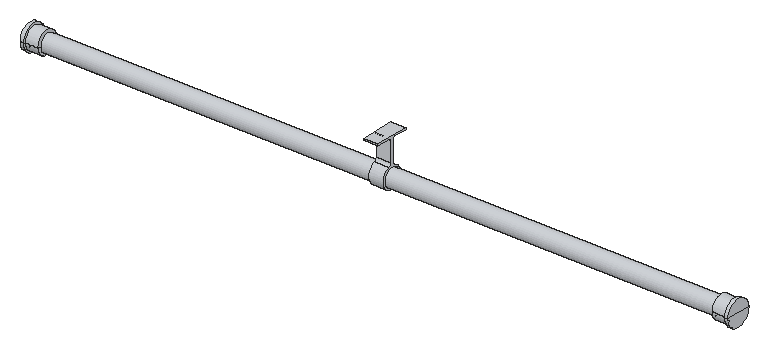
Revit family "Alcon-14205-Revit-Family", category Lighting Fixtures, Revit 2021
Family settings
  Round Connector Dimension = Use Diameter
  Part Type = Normal
  Work Plane-Based = No
  Always vertical = Yes
  Cut with Voids When Loaded = Yes
  Light Source = No
  Shared = No
  Room Calculation Point = No
Parameters (values of type "14205-4'")
  Product Identity = "Alcon Lighting 14205"
  Manufacturer = "Alcon Light"
  Link To Product Page = "https://www.alconlighting.com/14205-closet-rod-direct-led-light.html"
  Lens = none
  Length = 4' - 0"
  Housing = none
  Default Elevation = 0' - 0"
Types (3): name | Length
  (no name) | 4' - 0"
  14205-4' | 4' - 0"
  14205-8' | 8' - 0"
Reference planes (in)
  plane 1 "Center (Front/Back)": y = 0
  plane 2: z = 0
  plane 3 "Center (Left/Right)": x = 0
Forms (in)
  Extrusion 1, solid, material <- "Housing"
    sketch origin (0, 0, 0) x (0, 1, 0) y (0, 0, 1)
      loop
        arc (0.31906, -0.49629) -> (0, 0.59) -> (-0.31906, -0.49629) r 0.59
        line (-0.31906, -0.49629) -> (-0.2747, -0.42729)
        arc (-0.2747, -0.42729) -> (0, 0.50797) -> (0.2747, -0.42729) r 0.50797
        line (0.2747, -0.42729) -> (0.31906, -0.49629)
    from 0 to 48
  Extrusion 2, solid, material <- "Lens"
    sketch origin (0, 0, 0) x (0, 1, 0) y (0, 0, 1)
      loop
        line (0.31906, -0.49629) -> (0.2747, -0.42729) -> (-0.2747, -0.42729) -> (-0.31906, -0.49629) -> (0.31906, -0.49629)
    from 0 to 48
  Revolve 3, solid, material <- "Housing"
    sketch origin (0, 0, 0) x (1, 0, 0) y (0, 1, 0)
      loop
        line (0, 0) -> (0, 0.59) -> (0.90027, 0.59) -> (0.90027, 0.76628) -> (0, 0.76628) -> (0, 0.865) -> (-0.25, 0.865) -> (-0.25, 0) -> (0, 0)
      axis (0.90027, 0) -> (-0.25, 0)
    angle from 0 to 360
  Revolve 4, solid, material <- "Housing"
    sketch origin (47.96875, 0, 0) x (-1, 0, 0) y (0, -1, 0)
      loop
        line (-0.03125, 0) -> (-0.25, 0) -> (-0.25, -0.865) -> (-0.03125, -0.865) -> (-0.03125, -0.76628) -> (0.90027, -0.76628) -> (0.90027, -0.59) -> (-0.03125, -0.59) -> (-0.03125, 0)
      axis (0.90027, 0) -> (-0.25, 0)
    angle from 0 to 360
  Extrusion 5, solid, material <- "Housing"
    sketch origin (0.5, 7.82885, 0.4652) x (0, 1, 0) y (0, 0, 1)
      loop
        line (-6.66885, 2.068) -> (-8.98885, 2.068) -> (-8.98885, 1.96416) -> (-8.02486, 1.96416)
        arc (-8.02486, 1.96416) -> (-7.93659, 1.9276) -> (-7.90003, 1.83933) r 0.12483
        line (-7.90003, 1.83933) -> (-7.90003, 0.44944)
        arc (-7.90003, 0.44944) -> (-7.94607, 0.30486) -> (-8.06725, 0.21354) r 0.25
        arc (-8.06725, 0.21354) -> (-7.82885, -1.18584) -> (-7.59045, 0.21354) r 0.72
        arc (-7.59045, 0.21354) -> (-7.71163, 0.30486) -> (-7.75768, 0.44944) r 0.25
        line (-7.75768, 0.44944) -> (-7.75768, 1.83933)
        arc (-7.75768, 1.83933) -> (-7.72111, 1.9276) -> (-7.63284, 1.96416) r 0.12483
        line (-7.63284, 1.96416) -> (-6.66885, 1.96416) -> (-6.66885, 2.068)
      loop
        circle (-7.82885, -0.46584) r 0.62439
    from 23 to 24
Lines and regions (in)
  model lines
    curve 1: circle (0, 0, 0) r 0.865 normal (1, 0, 0)
Dimensions and locks (in)
  "Length": plane 3 "Center (Left/Right)" to Extrusion 1
  Revolve 4 sketch curve to Extrusion 1 to Revolve 4 sketch curve = 0' - 0.93152" locked, 0' - 0 7/32" locked
  aligned and locked: plane 2 to level
  aligned and locked: Extrusion 2 to Extrusion 1
  aligned and locked: Extrusion 1 to Extrusion 2
  aligned and locked: Revolve 4 to Revolve 4
  aligned and locked: Revolve 4 to Extrusion 1
  aligned and locked: Extrusion 1 to Revolve 4 sketch curve
Automatic sketch dimensions
  curve 1 to level = 0' - 0"
  curve 1 to plane 1 "Center (Front/Back)" = 0' - 0"
  Extrusion 1 sketch curve to Extrusion 1 sketch curve = 0' - 0"  (x2)
  Extrusion 1 sketch curve to level = 0' - 0"
  Extrusion 1 sketch curve to plane 1 "Center (Front/Back)" = 0' - 0"
  plane 1 "Center (Front/Back)" to Extrusion 1 sketch curve = 0' - 0.2747"
  Extrusion 1 sketch curve to Extrusion 1 sketch curve = 0' - 0.04436"  (x2)
  Extrusion 1 sketch curve to plane 1 "Center (Front/Back)" = 0' - 0.2747"
  Extrusion 1 sketch curve to level = 0' - 0.42729"
  Extrusion 1 sketch curve to Extrusion 1 sketch curve = 0' - 0.069"
  plane 1 "Center (Front/Back)" to Extrusion 2 sketch curve = 0' - 0.31906"
  Extrusion 2 sketch curve to Extrusion 2 sketch curve = 0' - 0.04436"  (x2)
  Extrusion 2 sketch curve to plane 1 "Center (Front/Back)" = 0' - 0.2747"
  Extrusion 2 sketch curve to level = 0' - 0.49629"
  Extrusion 2 sketch curve to Extrusion 2 sketch curve = 0' - 0.069"
  plane 1 "Center (Front/Back)" to Revolve 3 sketch curve = 0' - 0"  (x2)
  Revolve 3 sketch curve to plane 3 "Center (Left/Right)" = 0' - 0"  (x2)
  Revolve 3 sketch curve to plane 3 "Center (Left/Right)" = 0' - 0 1/4"
  plane 3 "Center (Left/Right)" to Revolve 3 sketch curve = 0' - 0.90027"
  Revolve 3 sketch curve to plane 1 "Center (Front/Back)" = 0' - 0.59"
  Revolve 3 sketch curve to Revolve 3 sketch curve = 0' - 0.17628"
  Revolve 3 sketch curve to Revolve 3 sketch curve = 0' - 0.09872"
  Revolve 3 sketch curve to Revolve 3 sketch curve = 0' - 0"
  Revolve 3 sketch curve to Revolve 3 sketch curve = 0' - 1 1/4"
  plane 1 "Center (Front/Back)" to Revolve 4 sketch curve = 0' - 0"  (x2)
  Revolve 4 sketch curve to plane 1 "Center (Front/Back)" = 0' - 0.865"
  Revolve 4 sketch curve to Revolve 4 sketch curve = 0' - 0"  (x2)
  Revolve 4 sketch curve to Revolve 4 sketch curve = 0' - 0.09872"
  Revolve 4 sketch curve to Revolve 4 sketch curve = 0' - 0.17628"
  Revolve 4 sketch curve to Revolve 4 sketch curve = 0' - 1 1/4"
  Extrusion 5 sketch curve to Extrusion 5 sketch curve = 0' - 0"  (x5)
  Extrusion 5 sketch curve to plane 1 "Center (Front/Back)" = 0' - 0"
  plane 1 "Center (Front/Back)" to Extrusion 5 sketch curve = 0' - 0.07118"
  Extrusion 5 sketch curve to Extrusion 5 sketch curve = 0' - 0.12483"  (x2)
  Extrusion 5 sketch curve to Extrusion 5 sketch curve = 0' - 0 1/4"  (x2)
  Extrusion 5 sketch curve to Extrusion 5 sketch curve = 0' - 0.96399"  (x2)
  Extrusion 5 sketch curve to plane 1 "Center (Front/Back)" = 0' - 0.07118"
  Extrusion 5 sketch curve to level = 0' - 0.00065"
  level to Extrusion 5 sketch curve = 0' - 0.91464"
  Extrusion 5 sketch curve to Extrusion 5 sketch curve = 0' - 1.38988"
  Extrusion 5 sketch curve to Extrusion 5 sketch curve = 0' - 0.10384"
  radius of curve 1 = 0' - 0.865"
  radius of Extrusion 5 sketch curve = 0' - 0.62439"
